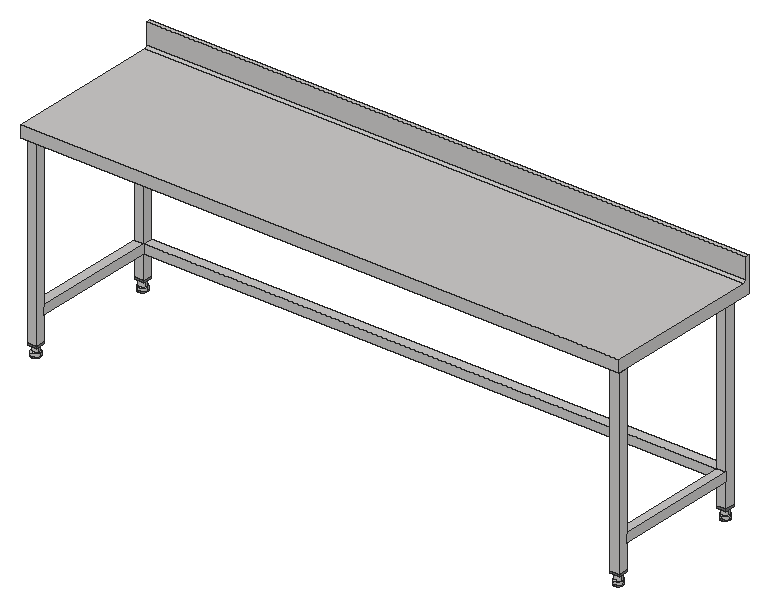
Revit family "QF_ZANUSSI_133239_TG2600UN", category Attrezzature speciali, Revit 2020
Family settings
  Quota connettore circolare = Usa diametro
  Tipo di parte = Normale
  Basato su piano di lavoro = No
  Sempre verticale = Sì
  Taglio con vuoti quando caricato = No
  Condiviso = No
  Punto di calcolo locali = No
Parameters (values of type "Standard")
  Weight = 91.00 kg
  Watts = 0 W
  Volts = 0 V
  URL Manufacturer = "http://www.zanussiprofessional.com"
  URL = "http://www.zanussiprofessional.com"
  Steam Supply Size = 0 mm
  Steam Supply Minimum Pressure = 0.0 Pa
  Steam Supply Maximum Pressure = 0.0 Pa
  Steam Consumption per Hour = 0
  Refrigeration Suction Line Size = 0.0 mm
  Refrigeration Liquid Line Size = 0.0 mm
  Refrigerant Compressor Remote = yes
  Prospetto di default = 0.0 mm
  Produttore = "Zanussi"
  Phase = 0
  Modello = "TG2600UN"
  Length Actual = 2600.0 mm  # constant formula
  Item Number = "133239"
  Hot Water Size = 0 mm
  Height Actual = 1000.0 mm  # constant formula
  HP = "0 HP"
  Gas Size = 0 mm
  Gas KW = 0
  Gas Input Pressure = 0 W
  Direct Waste Size = 0 mm
  Descrizione = "WORK TABLE WITH UPSTAND 2600 MM+UNDERFRAME"
  Depth Actual = 700.0 mm  # constant formula
  Cycle = 0 Hz
  Condensate Return Size = 0 mm
  Compressed Air Volume = 0.0 L/s
  Compressed Air Size = 0 mm
  Compressed Air Pressure = 0.0 Pa
  Cold Water Size = 0 mm
  Accessory = yes
Reference planes
  plane 1 "Center (Front/Back)": y = 0
  plane 2: z = 0
  plane 3 "Center (Left/Right)": x = -800
  plane 4 "LEFT": x = -2100
  plane 5 "RIGHT": x = 500
  plane 6 "BACK": y = 350
  plane 7 "FRONT": y = -350
  plane 8 "Base": z = 850
  plane 9 "TOP": z = 900
  plane 10: x = -2064.5
  plane 11: x = 464.5
  plane 12: y = 269.5
  plane 13: y = -310.5
Forms (mm)
  Extrusion 1, solid, material "QF_Finishes_Stainless Steel"
    sketch origin (-800, 0, 0) x (0, 1, 0) y (0, 0, 1)
      loop
        line (-350, 850) -> (350, 850) -> (350, 1000) -> (337, 1000) -> (337, 910)
        arc (337, 910) -> (334.071, 902.929) -> (327, 900) r 10
        line (327, 900) -> (-350, 900) -> (-350, 850)
    from 1300 to -1300
  Extrusion 2, solid, material "QF_Finishes_Stainless Steel"
    sketch origin (-800, 0, 0) x (0, 1, 0) y (0, 0, 1)
      loop
        line (249.5, 195) -> (249.5, 155) -> (289.5, 155) -> (289.5, 195) -> (249.5, 195)
    from 1244.5 to -1244.5
  Extrusion 3, solid, material "QF_Finishes_Stainless Steel"
    sketch origin (0, 0, 0) x (1, 0, 0) y (0, 0, 1)
      loop
        line (-2044.5, 195) -> (-2084.5, 195) -> (-2084.5, 155) -> (-2044.5, 155) -> (-2044.5, 195)
      loop
        line (484.5, 195) -> (444.5, 195) -> (444.5, 155) -> (484.5, 155) -> (484.5, 195)
    from 290.5 to -249.5
Lines and regions (mm)
  symbolic lines
    curve 1: line (500, 350, 900) -> (-2100, 350, 900)
    curve 2: line (-2100, 350, 900) -> (-2100, -350, 900)
    curve 3: line (-2100, -350, 900) -> (500, -350, 900)
    curve 4: line (500, -350, 900) -> (500, 350, 900)
    curve 5: line (500, 337, 900) -> (-2100, 337, 900)
Dimensions and locks
  plane 4 "LEFT" to plane 5 "RIGHT" = 2600.0 mm
  equal spacing: plane 4 "LEFT", plane 3 "Center (Left/Right)", plane 5 "RIGHT"
  locked: plane 8 "Base" to level at 850
  plane 4 "LEFT" to plane 10 = 35.5 mm
  plane 11 to plane 5 "RIGHT" = 35.5 mm
  plane 10 to plane 11 = 2529.0 mm
  locked: Extrusion 1 to level at 1000
  plane 9 "TOP" to level = 900.0 mm
  plane 6 "BACK" to plane 12 = 80.5 mm
  plane 13 to plane 7 "FRONT" = 39.5 mm
  plane 6 "BACK" to plane 7 "FRONT" = 700.0 mm
  plane 12 to plane 13 = 580.0 mm
  equal spacing: plane 6 "BACK", plane 1 "Center (Front/Back)", plane 7 "FRONT"
  aligned and locked: level to plane 2
  aligned and locked: plane 11 to nested 2
  aligned and locked: nested 2 to plane 12
  aligned and locked: plane 10 to nested 1
  aligned and locked: nested 1 to plane 12
  aligned and locked: Extrusion 1 to plane 4 "LEFT"
  aligned and locked: plane 5 "RIGHT" to Extrusion 1
  aligned and locked: curve 2 to plane 4 "LEFT"
  aligned and locked: Extrusion 3 to nested 1
  aligned and locked: nested 4 to nested 3
  aligned and locked: plane 10 to nested 4
Automatic sketch dimensions
  curve 3 to plane 7 "FRONT" = 0.0 mm
  curve 5 to plane 5 "RIGHT" = 0.0 mm
  curve 4 to plane 6 "BACK" = 0.0 mm
  curve 5 to plane 6 "BACK" = 13.0 mm
  Extrusion 1 sketch curve to plane 7 "FRONT" = 0.0 mm
  Extrusion 1 sketch curve to plane 9 "TOP" = 0.0 mm
  Extrusion 1 sketch curve to plane 6 "BACK" = 0.0 mm
  Extrusion 1 sketch curve to plane 8 "Base" = 0.0 mm
  plane 9 "TOP" to Extrusion 1 sketch curve = 10.0 mm
  Extrusion 1 sketch curve to plane 6 "BACK" = 23.0 mm
  Extrusion 1 sketch curve to Extrusion 1 sketch curve = 90.0 mm
  Extrusion 2 sketch curve to plane 12 = 20.0 mm
  plane 12 to Extrusion 2 sketch curve = 20.0 mm
  level to Extrusion 2 sketch curve = 155.0 mm
  Extrusion 2 sketch curve to Extrusion 2 sketch curve = 40.0 mm
  plane 4 "LEFT" to Extrusion 3 sketch curve = 15.5 mm
  plane 10 to Extrusion 3 sketch curve = 20.0 mm
  Extrusion 3 sketch curve to plane 11 = 20.0 mm
  Extrusion 3 sketch curve to plane 5 "RIGHT" = 15.5 mm
  level to Extrusion 3 sketch curve = 155.0 mm  (x2)
  Extrusion 3 sketch curve to Extrusion 3 sketch curve = 40.0 mm  (x2)
Nested families
  nested 1: "FEET_40x40_APP42" at (-2064.5, 269.5, 0), type "FEET_40x40_APP42"
  nested 2: "FEET_40x40_APP42" at (464.5, 269.5, 0), type "FEET_40x40_APP42"
  nested 3: "FEET_40x40_APP42" at (464.5, -310.5, 0), type "FEET_40x40_APP42"
  nested 4: "FEET_40x40_APP42" at (-2064.5, -310.5, 0), type "FEET_40x40_APP42"
Definition of nested family "FEET_40x40_APP42"
  Parameters
    Default Elevation = 0.0 mm
    FEET = 850.0 mm
  Reference planes
    plane 1 "Center (Front/Back)": y = 0
    plane 2: z = 0
    plane 3 "Center (Left/Right)": x = 0
    plane 4: z = 850
  Forms (mm)
    Extrusion 1, solid
      sketch origin (0, 0, 0) x (1, 0, 0) y (0, 1, 0)
        loop
          line (-20, -20) -> (20, -20) -> (20, 20) -> (-20, 20) -> (-20, -20)
      from 50 to 845
    Extrusion 2, solid
      sketch origin (0, 0, 0) x (1, 0, 0) y (0, 1, 0)
        loop
          circle (0, 0) r 20
      from 0 to 5
    Extrusion 3, solid
      sketch origin (0, 0, 0) x (1, 0, 0) y (0, 1, 0)
        loop
          line (30, 30) -> (-30, 30) -> (-30, -30) -> (30, -30) -> (30, 30)
      from 845 to 850
    Extrusion 4, solid
      sketch origin (0, 0, 0) x (1, 0, 0) y (0, 1, 0)
        loop
          line (-20, -20) -> (20, -20) -> (20, 20) -> (-20, 20) -> (-20, -20)
      from 50 to 42
    Revolve 5, solid
      sketch origin (0, 0, 0) x (1, 0, 0) y (0, 0, 1)
        loop
          line (0, 42) -> (-15, 42) -> (-15, 20) -> (-20, 15) -> (-20, 5) -> (0, 5) -> (0, 42)
        axis (0, 42) -> (0, 5)
      angle from 0 to 360
  Lines and regions (mm)
    symbolic lines
      curve 1: line (0, -1.503, 0) -> (0, 1.508, 0)
      curve 2: line (1.561, 0, 0) -> (-1.439, 0, 0)
  Dimensions and locks
    "FEET": plane 4 to plane 2
    aligned and locked: level to plane 2
  Automatic sketch dimensions
    plane 1 "Center (Front/Back)" to curve 2 = 0.0 mm
    curve 1 to plane 3 "Center (Left/Right)" = 0.0 mm
    curve 2 to plane 3 "Center (Left/Right)" = 1.439 mm
    plane 3 "Center (Left/Right)" to curve 2 = 1.561 mm
    plane 1 "Center (Front/Back)" to curve 1 = 1.503 mm
    curve 1 to plane 1 "Center (Front/Back)" = 1.508 mm
    Extrusion 1 sketch curve to plane 3 "Center (Left/Right)" = 20.0 mm
    plane 3 "Center (Left/Right)" to Extrusion 1 sketch curve = 20.0 mm
    plane 1 "Center (Front/Back)" to Extrusion 1 sketch curve = 20.0 mm
    Extrusion 1 sketch curve to plane 1 "Center (Front/Back)" = 20.0 mm
    plane 1 "Center (Front/Back)" to Extrusion 2 sketch curve = 0.0 mm
    Extrusion 2 sketch curve to plane 3 "Center (Left/Right)" = 0.0 mm
    Extrusion 3 sketch curve to plane 3 "Center (Left/Right)" = 30.0 mm
    plane 3 "Center (Left/Right)" to Extrusion 3 sketch curve = 30.0 mm
    plane 1 "Center (Front/Back)" to Extrusion 3 sketch curve = 30.0 mm
    Extrusion 3 sketch curve to plane 1 "Center (Front/Back)" = 30.0 mm
    Extrusion 4 sketch curve to plane 3 "Center (Left/Right)" = 20.0 mm
    plane 3 "Center (Left/Right)" to Extrusion 4 sketch curve = 20.0 mm
    plane 1 "Center (Front/Back)" to Extrusion 4 sketch curve = 20.0 mm
    Extrusion 4 sketch curve to plane 1 "Center (Front/Back)" = 20.0 mm
    Revolve 5 sketch curve to plane 3 "Center (Left/Right)" = 0.0 mm  (x2)
    Revolve 5 sketch curve to plane 3 "Center (Left/Right)" = 15.0 mm
    Revolve 5 sketch curve to Revolve 5 sketch curve = 5.0 mm  (x3)
    level to Revolve 5 sketch curve = 5.0 mm
    Revolve 5 sketch curve to Revolve 5 sketch curve = 10.0 mm
    Revolve 5 sketch curve to Revolve 5 sketch curve = 22.0 mm
    Revolve 5 sketch curve to level = 9.561 mm
    radius of Extrusion 2 sketch curve = 20.0 mm
